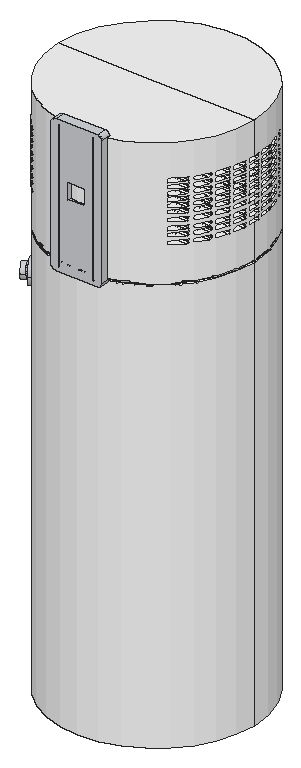
Revit family "STIEBEL ELTRON_WWK 302", category Generic Models, Revit 2022
Family settings
  Can host rebar = No
  Round Connector Dimension = Use Diameter
  Part Type = Normal
  Work Plane-Based = No
  Always vertical = Yes
  Cut with Voids When Loaded = No
  Maintain Annotation Orientation = No
  Shared = No
  Room Calculation Point = No
Parameters
  Default Elevation = 0 mm
Reference planes
  plane 1 "Center (Front/Back)": y = 0
  plane 2: z = 0
  plane 3 "Center (Left/Right)": x = 0
  plane 4: z = 1913
  plane 5: z = 1510
  plane 6: x = 345
  plane 7: x = -345
  plane 8: y = -179.723
  plane 9: y = 0
  plane 10: through (0, 0, 1219.2) normal (0.5, -0.866, 0)
  plane 11: x = -345
  plane 12: through (-285.733, -195.096, 1219.2) normal (-0.866, -0.5, 0)
  plane 13: y = 345
  plane 14: through (0, 345, 1219.2) normal (-0.3584, 0.9336, 0)
  plane 15: z = 1287
  plane 16: z = 218
  plane 17: y = -104.723
  plane 18: x = -205
  plane 19: x = 205
  plane 20: y = -319.923
Forms (mm)
  Revolve 1, solid, material "Default"
    sketch origin (0, 0, 0) x (1, 0, 0) y (0, 0, 1)
      loop
        line (0, 0) -> (345, 0) -> (345, 1913) -> (0, 1913) -> (0, 0)
      axis (0, 0) -> (0, 1913)
    angle from 0 to 360
  Revolve 2, solid
    sketch origin (-569.651, -4572, 1287) x (-1, 0, 0) y (0, -1, 0)
      loop
        arc (-270.872, -4399.5) -> (-261.359, -4417.141) -> (-252.887, -4435.304) r 345
        line (-252.887, -4435.304) -> (-243.602, -4429.944) -> (-249.02, -4420.559)
        arc (-249.02, -4420.559) -> (-247.514, -4416.208) -> (-244.499, -4412.728) r 12.165
        line (-244.499, -4412.728) -> (-231.049, -4404.963) -> (-243.37, -4383.622) -> (-270.872, -4399.5)
      axis (-243.37, -4383.622) -> (-272.887, -4400.663)
    angle from 0 to 360
  Revolve 3, solid
    sketch origin (-2779.332, -3674.643, 1287) x (-0.866025, 0.5, 0) y (-0.5, -0.866025, 0)
      loop
        arc (-270.872, -4399.5) -> (-261.359, -4417.141) -> (-252.887, -4435.304) r 345
        line (-252.887, -4435.304) -> (-243.602, -4429.944) -> (-249.02, -4420.559)
        arc (-249.02, -4420.559) -> (-247.514, -4416.208) -> (-244.499, -4412.728) r 12.165
        line (-244.499, -4412.728) -> (-231.049, -4404.963) -> (-243.37, -4383.622) -> (-270.872, -4399.5)
      axis (-243.37, -4383.622) -> (-272.887, -4400.663)
    angle from 0 to 360
  Revolve 4, solid
    sketch origin (-569.651, -4572, 1510) x (-1, 0, 0) y (0, -1, 0)
      loop
        arc (-451.654, -4896.194) -> (-470.679, -4902.499) -> (-490.037, -4907.688) r 345
        line (-490.037, -4907.688) -> (-486.37, -4917.763) -> (-476.188, -4914.057)
        arc (-476.188, -4914.057) -> (-472.164, -4916.296) -> (-469.261, -4919.87) r 12.165
        line (-469.261, -4919.87) -> (-463.949, -4934.463) -> (-440.793, -4926.035) -> (-451.654, -4896.194)
      axis (-440.793, -4926.035) -> (-452.45, -4894.008)
    angle from 0 to 360
  Revolve 5, solid
    sketch origin (-536.874, -4572, 218) x (-1, 0, 0) y (0, -1, 0)
      loop
        arc (-191.874, -4572) -> (-192.456, -4592.034) -> (-194.2, -4612) r 345
        line (-194.2, -4612) -> (-183.479, -4612) -> (-183.479, -4601.164)
        arc (-183.479, -4601.164) -> (-179.999, -4598.149) -> (-175.648, -4596.643) r 12.165
        line (-175.648, -4596.643) -> (-160.117, -4596.643) -> (-160.117, -4572) -> (-191.874, -4572)
      axis (-160.117, -4572) -> (-194.2, -4572)
    angle from 0 to 360
  Extrusion 6, solid
    sketch origin (0, 345, 1219.2) x (-1, 0, 0) y (0, 0, 1)
      loop
        line (-10, 290.8) -> (10, 290.8) -> (10, 346.486)
        arc (10, 346.486) -> (8.736, 349.536) -> (5.686, 350.8) r 4.314
        line (5.686, 350.8) -> (-5.686, 350.8)
        arc (-5.686, 350.8) -> (-8.736, 349.536) -> (-10, 346.486) r 4.314
        line (-10, 346.486) -> (-10, 290.8)
      loop
        circle (0, 340.758) r 5
      loop
        circle (0, 325.758) r 5
      loop
        circle (0, 310.758) r 5
    from -17.664 to 10
  Extrusion 7, void
    sketch origin (205, 414.536, 5000) x (0, -1, 0) y (0, 0, -1)
      loop
        line (342.226, 3199.001) -> (378.55, 3199.001)
        arc (378.55, 3199.001) -> (382.086, 3200.466) -> (383.55, 3204.001) r 5
        line (383.55, 3204.001) -> (383.55, 3208.584)
        arc (383.55, 3208.584) -> (382.086, 3212.12) -> (378.55, 3213.584) r 5
        line (378.55, 3213.584) -> (342.226, 3213.584)
        arc (342.226, 3213.584) -> (338.691, 3212.12) -> (337.226, 3208.584) r 5
        line (337.226, 3208.584) -> (337.226, 3204.001)
        arc (337.226, 3204.001) -> (338.691, 3200.466) -> (342.226, 3199.001) r 5
      loop
        line (398.55, 3199.001) -> (434.874, 3199.001)
        arc (434.874, 3199.001) -> (438.41, 3200.466) -> (439.874, 3204.001) r 5
        line (439.874, 3204.001) -> (439.874, 3208.584)
        arc (439.874, 3208.584) -> (438.41, 3212.12) -> (434.874, 3213.584) r 5
        line (434.874, 3213.584) -> (398.55, 3213.584)
        arc (398.55, 3213.584) -> (395.015, 3212.12) -> (393.55, 3208.584) r 5
        line (393.55, 3208.584) -> (393.55, 3204.001)
        arc (393.55, 3204.001) -> (395.015, 3200.466) -> (398.55, 3199.001) r 5
      loop
        line (454.874, 3199.001) -> (491.198, 3199.001)
        arc (491.198, 3199.001) -> (494.734, 3200.466) -> (496.198, 3204.001) r 5
        line (496.198, 3204.001) -> (496.198, 3208.584)
        arc (496.198, 3208.584) -> (494.734, 3212.12) -> (491.198, 3213.584) r 5
        line (491.198, 3213.584) -> (454.874, 3213.584)
        arc (454.874, 3213.584) -> (451.339, 3212.12) -> (449.874, 3208.584) r 5
        line (449.874, 3208.584) -> (449.874, 3204.001)
        arc (449.874, 3204.001) -> (451.339, 3200.466) -> (454.874, 3199.001) r 5
      loop
        line (511.198, 3199.001) -> (547.522, 3199.001)
        arc (547.522, 3199.001) -> (551.058, 3200.466) -> (552.522, 3204.001) r 5
        line (552.522, 3204.001) -> (552.522, 3208.584)
        arc (552.522, 3208.584) -> (551.058, 3212.12) -> (547.522, 3213.584) r 5
        line (547.522, 3213.584) -> (511.198, 3213.584)
        arc (511.198, 3213.584) -> (507.663, 3212.12) -> (506.198, 3208.584) r 5
        line (506.198, 3208.584) -> (506.198, 3204.001)
        arc (506.198, 3204.001) -> (507.663, 3200.466) -> (511.198, 3199.001) r 5
      loop
        line (567.522, 3199.001) -> (603.846, 3199.001)
        arc (603.846, 3199.001) -> (607.382, 3200.466) -> (608.846, 3204.001) r 5
        line (608.846, 3204.001) -> (608.846, 3208.584)
        arc (608.846, 3208.584) -> (607.382, 3212.12) -> (603.846, 3213.584) r 5
        line (603.846, 3213.584) -> (567.522, 3213.584)
        arc (567.522, 3213.584) -> (563.987, 3212.12) -> (562.522, 3208.584) r 5
        line (562.522, 3208.584) -> (562.522, 3204.001)
        arc (562.522, 3204.001) -> (563.987, 3200.466) -> (567.522, 3199.001) r 5
      loop
        line (623.846, 3199.001) -> (660.17, 3199.001)
        arc (660.17, 3199.001) -> (663.706, 3200.466) -> (665.17, 3204.001) r 5
        line (665.17, 3204.001) -> (665.17, 3208.584)
        arc (665.17, 3208.584) -> (663.706, 3212.12) -> (660.17, 3213.584) r 5
        line (660.17, 3213.584) -> (623.846, 3213.584)
        arc (623.846, 3213.584) -> (620.311, 3212.12) -> (618.846, 3208.584) r 5
        line (618.846, 3208.584) -> (618.846, 3204.001)
        arc (618.846, 3204.001) -> (620.311, 3200.466) -> (623.846, 3199.001) r 5
      loop
        line (173.254, 3199.001) -> (209.578, 3199.001)
        arc (209.578, 3199.001) -> (213.114, 3200.466) -> (214.578, 3204.001) r 5
        line (214.578, 3204.001) -> (214.578, 3208.584)
        arc (214.578, 3208.584) -> (213.114, 3212.12) -> (209.578, 3213.584) r 5
        line (209.578, 3213.584) -> (173.254, 3213.584)
        arc (173.254, 3213.584) -> (169.719, 3212.12) -> (168.254, 3208.584) r 5
        line (168.254, 3208.584) -> (168.254, 3204.001)
        arc (168.254, 3204.001) -> (169.719, 3200.466) -> (173.254, 3199.001) r 5
      loop
        line (229.578, 3199.001) -> (265.902, 3199.001)
        arc (265.902, 3199.001) -> (269.438, 3200.466) -> (270.902, 3204.001) r 5
        line (270.902, 3204.001) -> (270.902, 3208.584)
        arc (270.902, 3208.584) -> (269.438, 3212.12) -> (265.902, 3213.584) r 5
        line (265.902, 3213.584) -> (229.578, 3213.584)
        arc (229.578, 3213.584) -> (226.043, 3212.12) -> (224.578, 3208.584) r 5
        line (224.578, 3208.584) -> (224.578, 3204.001)
        arc (224.578, 3204.001) -> (226.043, 3200.466) -> (229.578, 3199.001) r 5
      loop
        line (285.902, 3199.001) -> (322.226, 3199.001)
        arc (322.226, 3199.001) -> (325.762, 3200.466) -> (327.226, 3204.001) r 5
        line (327.226, 3204.001) -> (327.226, 3208.584)
        arc (327.226, 3208.584) -> (325.762, 3212.12) -> (322.226, 3213.584) r 5
        line (322.226, 3213.584) -> (285.902, 3213.584)
        arc (285.902, 3213.584) -> (282.367, 3212.12) -> (280.902, 3208.584) r 5
        line (280.902, 3208.584) -> (280.902, 3204.001)
        arc (280.902, 3204.001) -> (282.367, 3200.466) -> (285.902, 3199.001) r 5
      loop
        line (342.226, 3219.001) -> (378.55, 3219.001)
        arc (378.55, 3219.001) -> (382.086, 3220.466) -> (383.55, 3224.001) r 5
        line (383.55, 3224.001) -> (383.55, 3228.584)
        arc (383.55, 3228.584) -> (382.086, 3232.12) -> (378.55, 3233.584) r 5
        line (378.55, 3233.584) -> (342.226, 3233.584)
        arc (342.226, 3233.584) -> (338.691, 3232.12) -> (337.226, 3228.584) r 5
        line (337.226, 3228.584) -> (337.226, 3224.001)
        arc (337.226, 3224.001) -> (338.691, 3220.466) -> (342.226, 3219.001) r 5
      loop
        line (398.55, 3219.001) -> (434.874, 3219.001)
        arc (434.874, 3219.001) -> (438.41, 3220.466) -> (439.874, 3224.001) r 5
        line (439.874, 3224.001) -> (439.874, 3228.584)
        arc (439.874, 3228.584) -> (438.41, 3232.12) -> (434.874, 3233.584) r 5
        line (434.874, 3233.584) -> (398.55, 3233.584)
        arc (398.55, 3233.584) -> (395.015, 3232.12) -> (393.55, 3228.584) r 5
        line (393.55, 3228.584) -> (393.55, 3224.001)
        arc (393.55, 3224.001) -> (395.015, 3220.466) -> (398.55, 3219.001) r 5
      loop
        line (454.874, 3219.001) -> (491.198, 3219.001)
        arc (491.198, 3219.001) -> (494.734, 3220.466) -> (496.198, 3224.001) r 5
        line (496.198, 3224.001) -> (496.198, 3228.584)
        arc (496.198, 3228.584) -> (494.734, 3232.12) -> (491.198, 3233.584) r 5
        line (491.198, 3233.584) -> (454.874, 3233.584)
        arc (454.874, 3233.584) -> (451.339, 3232.12) -> (449.874, 3228.584) r 5
        line (449.874, 3228.584) -> (449.874, 3224.001)
        arc (449.874, 3224.001) -> (451.339, 3220.466) -> (454.874, 3219.001) r 5
      loop
        line (511.198, 3219.001) -> (547.522, 3219.001)
        arc (547.522, 3219.001) -> (551.058, 3220.466) -> (552.522, 3224.001) r 5
        line (552.522, 3224.001) -> (552.522, 3228.584)
        arc (552.522, 3228.584) -> (551.058, 3232.12) -> (547.522, 3233.584) r 5
        line (547.522, 3233.584) -> (511.198, 3233.584)
        arc (511.198, 3233.584) -> (507.663, 3232.12) -> (506.198, 3228.584) r 5
        line (506.198, 3228.584) -> (506.198, 3224.001)
        arc (506.198, 3224.001) -> (507.663, 3220.466) -> (511.198, 3219.001) r 5
      loop
        line (567.522, 3219.001) -> (603.846, 3219.001)
        arc (603.846, 3219.001) -> (607.382, 3220.466) -> (608.846, 3224.001) r 5
        line (608.846, 3224.001) -> (608.846, 3228.584)
        arc (608.846, 3228.584) -> (607.382, 3232.12) -> (603.846, 3233.584) r 5
        line (603.846, 3233.584) -> (567.522, 3233.584)
        arc (567.522, 3233.584) -> (563.987, 3232.12) -> (562.522, 3228.584) r 5
        line (562.522, 3228.584) -> (562.522, 3224.001)
        arc (562.522, 3224.001) -> (563.987, 3220.466) -> (567.522, 3219.001) r 5
      loop
        line (623.846, 3219.001) -> (660.17, 3219.001)
        arc (660.17, 3219.001) -> (663.706, 3220.466) -> (665.17, 3224.001) r 5
        line (665.17, 3224.001) -> (665.17, 3228.584)
        arc (665.17, 3228.584) -> (663.706, 3232.12) -> (660.17, 3233.584) r 5
        line (660.17, 3233.584) -> (623.846, 3233.584)
        arc (623.846, 3233.584) -> (620.311, 3232.12) -> (618.846, 3228.584) r 5
        line (618.846, 3228.584) -> (618.846, 3224.001)
        arc (618.846, 3224.001) -> (620.311, 3220.466) -> (623.846, 3219.001) r 5
      loop
        line (173.254, 3219.001) -> (209.578, 3219.001)
        arc (209.578, 3219.001) -> (213.114, 3220.466) -> (214.578, 3224.001) r 5
        line (214.578, 3224.001) -> (214.578, 3228.584)
        arc (214.578, 3228.584) -> (213.114, 3232.12) -> (209.578, 3233.584) r 5
        line (209.578, 3233.584) -> (173.254, 3233.584)
        arc (173.254, 3233.584) -> (169.719, 3232.12) -> (168.254, 3228.584) r 5
        line (168.254, 3228.584) -> (168.254, 3224.001)
        arc (168.254, 3224.001) -> (169.719, 3220.466) -> (173.254, 3219.001) r 5
      loop
        line (229.578, 3219.001) -> (265.902, 3219.001)
        arc (265.902, 3219.001) -> (269.438, 3220.466) -> (270.902, 3224.001) r 5
        line (270.902, 3224.001) -> (270.902, 3228.584)
        arc (270.902, 3228.584) -> (269.438, 3232.12) -> (265.902, 3233.584) r 5
        line (265.902, 3233.584) -> (229.578, 3233.584)
        arc (229.578, 3233.584) -> (226.043, 3232.12) -> (224.578, 3228.584) r 5
        line (224.578, 3228.584) -> (224.578, 3224.001)
        arc (224.578, 3224.001) -> (226.043, 3220.466) -> (229.578, 3219.001) r 5
      loop
        line (285.902, 3219.001) -> (322.226, 3219.001)
        arc (322.226, 3219.001) -> (325.762, 3220.466) -> (327.226, 3224.001) r 5
        line (327.226, 3224.001) -> (327.226, 3228.584)
        arc (327.226, 3228.584) -> (325.762, 3232.12) -> (322.226, 3233.584) r 5
        line (322.226, 3233.584) -> (285.902, 3233.584)
        arc (285.902, 3233.584) -> (282.367, 3232.12) -> (280.902, 3228.584) r 5
        line (280.902, 3228.584) -> (280.902, 3224.001)
        arc (280.902, 3224.001) -> (282.367, 3220.466) -> (285.902, 3219.001) r 5
      loop
        line (342.226, 3239.001) -> (378.55, 3239.001)
        arc (378.55, 3239.001) -> (382.086, 3240.466) -> (383.55, 3244.001) r 5
        line (383.55, 3244.001) -> (383.55, 3248.584)
        arc (383.55, 3248.584) -> (382.086, 3252.12) -> (378.55, 3253.584) r 5
        line (378.55, 3253.584) -> (342.226, 3253.584)
        arc (342.226, 3253.584) -> (338.691, 3252.12) -> (337.226, 3248.584) r 5
        line (337.226, 3248.584) -> (337.226, 3244.001)
        arc (337.226, 3244.001) -> (338.691, 3240.466) -> (342.226, 3239.001) r 5
      loop
        line (398.55, 3239.001) -> (434.874, 3239.001)
        arc (434.874, 3239.001) -> (438.41, 3240.466) -> (439.874, 3244.001) r 5
        line (439.874, 3244.001) -> (439.874, 3248.584)
        arc (439.874, 3248.584) -> (438.41, 3252.12) -> (434.874, 3253.584) r 5
        line (434.874, 3253.584) -> (398.55, 3253.584)
        arc (398.55, 3253.584) -> (395.015, 3252.12) -> (393.55, 3248.584) r 5
        line (393.55, 3248.584) -> (393.55, 3244.001)
        arc (393.55, 3244.001) -> (395.015, 3240.466) -> (398.55, 3239.001) r 5
      loop
        line (454.874, 3239.001) -> (491.198, 3239.001)
        arc (491.198, 3239.001) -> (494.734, 3240.466) -> (496.198, 3244.001) r 5
        line (496.198, 3244.001) -> (496.198, 3248.584)
        arc (496.198, 3248.584) -> (494.734, 3252.12) -> (491.198, 3253.584) r 5
        line (491.198, 3253.584) -> (454.874, 3253.584)
        arc (454.874, 3253.584) -> (451.339, 3252.12) -> (449.874, 3248.584) r 5
        line (449.874, 3248.584) -> (449.874, 3244.001)
        arc (449.874, 3244.001) -> (451.339, 3240.466) -> (454.874, 3239.001) r 5
      loop
        line (511.198, 3239.001) -> (547.522, 3239.001)
        arc (547.522, 3239.001) -> (551.058, 3240.466) -> (552.522, 3244.001) r 5
        line (552.522, 3244.001) -> (552.522, 3248.584)
        arc (552.522, 3248.584) -> (551.058, 3252.12) -> (547.522, 3253.584) r 5
        line (547.522, 3253.584) -> (511.198, 3253.584)
        arc (511.198, 3253.584) -> (507.663, 3252.12) -> (506.198, 3248.584) r 5
        line (506.198, 3248.584) -> (506.198, 3244.001)
        arc (506.198, 3244.001) -> (507.663, 3240.466) -> (511.198, 3239.001) r 5
      loop
        line (567.522, 3239.001) -> (603.846, 3239.001)
        arc (603.846, 3239.001) -> (607.382, 3240.466) -> (608.846, 3244.001) r 5
        line (608.846, 3244.001) -> (608.846, 3248.584)
        arc (608.846, 3248.584) -> (607.382, 3252.12) -> (603.846, 3253.584) r 5
        line (603.846, 3253.584) -> (567.522, 3253.584)
        arc (567.522, 3253.584) -> (563.987, 3252.12) -> (562.522, 3248.584) r 5
        line (562.522, 3248.584) -> (562.522, 3244.001)
        arc (562.522, 3244.001) -> (563.987, 3240.466) -> (567.522, 3239.001) r 5
      loop
        line (623.846, 3239.001) -> (660.17, 3239.001)
        arc (660.17, 3239.001) -> (663.706, 3240.466) -> (665.17, 3244.001) r 5
        line (665.17, 3244.001) -> (665.17, 3248.584)
        arc (665.17, 3248.584) -> (663.706, 3252.12) -> (660.17, 3253.584) r 5
        line (660.17, 3253.584) -> (623.846, 3253.584)
        arc (623.846, 3253.584) -> (620.311, 3252.12) -> (618.846, 3248.584) r 5
        line (618.846, 3248.584) -> (618.846, 3244.001)
        arc (618.846, 3244.001) -> (620.311, 3240.466) -> (623.846, 3239.001) r 5
      loop
        line (173.254, 3239.001) -> (209.578, 3239.001)
        arc (209.578, 3239.001) -> (213.114, 3240.466) -> (214.578, 3244.001) r 5
        line (214.578, 3244.001) -> (214.578, 3248.584)
        arc (214.578, 3248.584) -> (213.114, 3252.12) -> (209.578, 3253.584) r 5
        line (209.578, 3253.584) -> (173.254, 3253.584)
        arc (173.254, 3253.584) -> (169.719, 3252.12) -> (168.254, 3248.584) r 5
        line (168.254, 3248.584) -> (168.254, 3244.001)
        arc (168.254, 3244.001) -> (169.719, 3240.466) -> (173.254, 3239.001) r 5
      loop
        line (229.578, 3239.001) -> (265.902, 3239.001)
        arc (265.902, 3239.001) -> (269.438, 3240.466) -> (270.902, 3244.001) r 5
        line (270.902, 3244.001) -> (270.902, 3248.584)
        arc (270.902, 3248.584) -> (269.438, 3252.12) -> (265.902, 3253.584) r 5
        line (265.902, 3253.584) -> (229.578, 3253.584)
        arc (229.578, 3253.584) -> (226.043, 3252.12) -> (224.578, 3248.584) r 5
        line (224.578, 3248.584) -> (224.578, 3244.001)
        arc (224.578, 3244.001) -> (226.043, 3240.466) -> (229.578, 3239.001) r 5
      loop
        line (285.902, 3239.001) -> (322.226, 3239.001)
        arc (322.226, 3239.001) -> (325.762, 3240.466) -> (327.226, 3244.001) r 5
        line (327.226, 3244.001) -> (327.226, 3248.584)
        arc (327.226, 3248.584) -> (325.762, 3252.12) -> (322.226, 3253.584) r 5
        line (322.226, 3253.584) -> (285.902, 3253.584)
        arc (285.902, 3253.584) -> (282.367, 3252.12) -> (280.902, 3248.584) r 5
        line (280.902, 3248.584) -> (280.902, 3244.001)
        arc (280.902, 3244.001) -> (282.367, 3240.466) -> (285.902, 3239.001) r 5
      loop
        line (342.226, 3259.001) -> (378.55, 3259.001)
        arc (378.55, 3259.001) -> (382.086, 3260.466) -> (383.55, 3264.001) r 5
        line (383.55, 3264.001) -> (383.55, 3268.584)
        arc (383.55, 3268.584) -> (382.086, 3272.12) -> (378.55, 3273.584) r 5
        line (378.55, 3273.584) -> (342.226, 3273.584)
        arc (342.226, 3273.584) -> (338.691, 3272.12) -> (337.226, 3268.584) r 5
        line (337.226, 3268.584) -> (337.226, 3264.001)
        arc (337.226, 3264.001) -> (338.691, 3260.466) -> (342.226, 3259.001) r 5
      loop
        line (398.55, 3259.001) -> (434.874, 3259.001)
        arc (434.874, 3259.001) -> (438.41, 3260.466) -> (439.874, 3264.001) r 5
        line (439.874, 3264.001) -> (439.874, 3268.584)
        arc (439.874, 3268.584) -> (438.41, 3272.12) -> (434.874, 3273.584) r 5
        line (434.874, 3273.584) -> (398.55, 3273.584)
        arc (398.55, 3273.584) -> (395.015, 3272.12) -> (393.55, 3268.584) r 5
        line (393.55, 3268.584) -> (393.55, 3264.001)
        arc (393.55, 3264.001) -> (395.015, 3260.466) -> (398.55, 3259.001) r 5
      loop
        line (454.874, 3259.001) -> (491.198, 3259.001)
        arc (491.198, 3259.001) -> (494.734, 3260.466) -> (496.198, 3264.001) r 5
        line (496.198, 3264.001) -> (496.198, 3268.584)
        arc (496.198, 3268.584) -> (494.734, 3272.12) -> (491.198, 3273.584) r 5
        line (491.198, 3273.584) -> (454.874, 3273.584)
        arc (454.874, 3273.584) -> (451.339, 3272.12) -> (449.874, 3268.584) r 5
        line (449.874, 3268.584) -> (449.874, 3264.001)
        arc (449.874, 3264.001) -> (451.339, 3260.466) -> (454.874, 3259.001) r 5
      loop
        line (511.198, 3259.001) -> (547.522, 3259.001)
        arc (547.522, 3259.001) -> (551.058, 3260.466) -> (552.522, 3264.001) r 5
        line (552.522, 3264.001) -> (552.522, 3268.584)
        arc (552.522, 3268.584) -> (551.058, 3272.12) -> (547.522, 3273.584) r 5
        line (547.522, 3273.584) -> (511.198, 3273.584)
        arc (511.198, 3273.584) -> (507.663, 3272.12) -> (506.198, 3268.584) r 5
        line (506.198, 3268.584) -> (506.198, 3264.001)
        arc (506.198, 3264.001) -> (507.663, 3260.466) -> (511.198, 3259.001) r 5
      loop
        line (567.522, 3259.001) -> (603.846, 3259.001)
        arc (603.846, 3259.001) -> (607.382, 3260.466) -> (608.846, 3264.001) r 5
        line (608.846, 3264.001) -> (608.846, 3268.584)
        arc (608.846, 3268.584) -> (607.382, 3272.12) -> (603.846, 3273.584) r 5
        line (603.846, 3273.584) -> (567.522, 3273.584)
        arc (567.522, 3273.584) -> (563.987, 3272.12) -> (562.522, 3268.584) r 5
        line (562.522, 3268.584) -> (562.522, 3264.001)
        arc (562.522, 3264.001) -> (563.987, 3260.466) -> (567.522, 3259.001) r 5
      loop
        line (623.846, 3259.001) -> (660.17, 3259.001)
        arc (660.17, 3259.001) -> (663.706, 3260.466) -> (665.17, 3264.001) r 5
        line (665.17, 3264.001) -> (665.17, 3268.584)
        arc (665.17, 3268.584) -> (663.706, 3272.12) -> (660.17, 3273.584) r 5
        line (660.17, 3273.584) -> (623.846, 3273.584)
        arc (623.846, 3273.584) -> (620.311, 3272.12) -> (618.846, 3268.584) r 5
        line (618.846, 3268.584) -> (618.846, 3264.001)
        arc (618.846, 3264.001) -> (620.311, 3260.466) -> (623.846, 3259.001) r 5
      loop
        line (173.254, 3259.001) -> (209.578, 3259.001)
        arc (209.578, 3259.001) -> (213.114, 3260.466) -> (214.578, 3264.001) r 5
        line (214.578, 3264.001) -> (214.578, 3268.584)
        arc (214.578, 3268.584) -> (213.114, 3272.12) -> (209.578, 3273.584) r 5
        line (209.578, 3273.584) -> (173.254, 3273.584)
        arc (173.254, 3273.584) -> (169.719, 3272.12) -> (168.254, 3268.584) r 5
        line (168.254, 3268.584) -> (168.254, 3264.001)
        arc (168.254, 3264.001) -> (169.719, 3260.466) -> (173.254, 3259.001) r 5
      loop
        line (229.578, 3259.001) -> (265.902, 3259.001)
        arc (265.902, 3259.001) -> (269.438, 3260.466) -> (270.902, 3264.001) r 5
        line (270.902, 3264.001) -> (270.902, 3268.584)
        arc (270.902, 3268.584) -> (269.438, 3272.12) -> (265.902, 3273.584) r 5
        line (265.902, 3273.584) -> (229.578, 3273.584)
        arc (229.578, 3273.584) -> (226.043, 3272.12) -> (224.578, 3268.584) r 5
        line (224.578, 3268.584) -> (224.578, 3264.001)
        arc (224.578, 3264.001) -> (226.043, 3260.466) -> (229.578, 3259.001) r 5
      loop
        line (285.902, 3259.001) -> (322.226, 3259.001)
        arc (322.226, 3259.001) -> (325.762, 3260.466) -> (327.226, 3264.001) r 5
        line (327.226, 3264.001) -> (327.226, 3268.584)
        arc (327.226, 3268.584) -> (325.762, 3272.12) -> (322.226, 3273.584) r 5
        line (322.226, 3273.584) -> (285.902, 3273.584)
        arc (285.902, 3273.584) -> (282.367, 3272.12) -> (280.902, 3268.584) r 5
        line (280.902, 3268.584) -> (280.902, 3264.001)
        arc (280.902, 3264.001) -> (282.367, 3260.466) -> (285.902, 3259.001) r 5
      loop
        line (342.226, 3278.598) -> (378.55, 3278.598)
        arc (378.55, 3278.598) -> (382.086, 3280.063) -> (383.55, 3283.598) r 5
        line (383.55, 3283.598) -> (383.55, 3288.182)
        arc (383.55, 3288.182) -> (382.086, 3291.717) -> (378.55, 3293.182) r 5
        line (378.55, 3293.182) -> (342.226, 3293.182)
        arc (342.226, 3293.182) -> (338.691, 3291.717) -> (337.226, 3288.182) r 5
        line (337.226, 3288.182) -> (337.226, 3283.598)
        arc (337.226, 3283.598) -> (338.691, 3280.063) -> (342.226, 3278.598) r 5
      loop
        line (398.55, 3278.598) -> (434.874, 3278.598)
        arc (434.874, 3278.598) -> (438.41, 3280.063) -> (439.874, 3283.598) r 5
        line (439.874, 3283.598) -> (439.874, 3288.182)
        arc (439.874, 3288.182) -> (438.41, 3291.717) -> (434.874, 3293.182) r 5
        line (434.874, 3293.182) -> (398.55, 3293.182)
        arc (398.55, 3293.182) -> (395.015, 3291.717) -> (393.55, 3288.182) r 5
        line (393.55, 3288.182) -> (393.55, 3283.598)
        arc (393.55, 3283.598) -> (395.015, 3280.063) -> (398.55, 3278.598) r 5
      loop
        line (454.874, 3278.598) -> (491.198, 3278.598)
        arc (491.198, 3278.598) -> (494.734, 3280.063) -> (496.198, 3283.598) r 5
        line (496.198, 3283.598) -> (496.198, 3288.182)
        arc (496.198, 3288.182) -> (494.734, 3291.717) -> (491.198, 3293.182) r 5
        line (491.198, 3293.182) -> (454.874, 3293.182)
        arc (454.874, 3293.182) -> (451.339, 3291.717) -> (449.874, 3288.182) r 5
        line (449.874, 3288.182) -> (449.874, 3283.598)
        arc (449.874, 3283.598) -> (451.339, 3280.063) -> (454.874, 3278.598) r 5
      loop
        line (511.198, 3278.598) -> (547.522, 3278.598)
        arc (547.522, 3278.598) -> (551.058, 3280.063) -> (552.522, 3283.598) r 5
        line (552.522, 3283.598) -> (552.522, 3288.182)
        arc (552.522, 3288.182) -> (551.058, 3291.717) -> (547.522, 3293.182) r 5
        line (547.522, 3293.182) -> (511.198, 3293.182)
        arc (511.198, 3293.182) -> (507.663, 3291.717) -> (506.198, 3288.182) r 5
        line (506.198, 3288.182) -> (506.198, 3283.598)
        arc (506.198, 3283.598) -> (507.663, 3280.063) -> (511.198, 3278.598) r 5
      loop
        line (567.522, 3278.598) -> (603.846, 3278.598)
        arc (603.846, 3278.598) -> (607.382, 3280.063) -> (608.846, 3283.598) r 5
        line (608.846, 3283.598) -> (608.846, 3288.182)
        arc (608.846, 3288.182) -> (607.382, 3291.717) -> (603.846, 3293.182) r 5
        line (603.846, 3293.182) -> (567.522, 3293.182)
        arc (567.522, 3293.182) -> (563.987, 3291.717) -> (562.522, 3288.182) r 5
        line (562.522, 3288.182) -> (562.522, 3283.598)
        arc (562.522, 3283.598) -> (563.987, 3280.063) -> (567.522, 3278.598) r 5
      loop
        line (623.846, 3278.598) -> (660.17, 3278.598)
        arc (660.17, 3278.598) -> (663.706, 3280.063) -> (665.17, 3283.598) r 5
        line (665.17, 3283.598) -> (665.17, 3288.182)
        arc (665.17, 3288.182) -> (663.706, 3291.717) -> (660.17, 3293.182) r 5
        line (660.17, 3293.182) -> (623.846, 3293.182)
        arc (623.846, 3293.182) -> (620.311, 3291.717) -> (618.846, 3288.182) r 5
        line (618.846, 3288.182) -> (618.846, 3283.598)
        arc (618.846, 3283.598) -> (620.311, 3280.063) -> (623.846, 3278.598) r 5
      loop
        line (173.254, 3278.598) -> (209.578, 3278.598)
        arc (209.578, 3278.598) -> (213.114, 3280.063) -> (214.578, 3283.598) r 5
        line (214.578, 3283.598) -> (214.578, 3288.182)
        arc (214.578, 3288.182) -> (213.114, 3291.717) -> (209.578, 3293.182) r 5
        line (209.578, 3293.182) -> (173.254, 3293.182)
        arc (173.254, 3293.182) -> (169.719, 3291.717) -> (168.254, 3288.182) r 5
        line (168.254, 3288.182) -> (168.254, 3283.598)
        arc (168.254, 3283.598) -> (169.719, 3280.063) -> (173.254, 3278.598) r 5
      loop
        line (229.578, 3278.598) -> (265.902, 3278.598)
        arc (265.902, 3278.598) -> (269.438, 3280.063) -> (270.902, 3283.598) r 5
        line (270.902, 3283.598) -> (270.902, 3288.182)
        arc (270.902, 3288.182) -> (269.438, 3291.717) -> (265.902, 3293.182) r 5
        line (265.902, 3293.182) -> (229.578, 3293.182)
        arc (229.578, 3293.182) -> (226.043, 3291.717) -> (224.578, 3288.182) r 5
        line (224.578, 3288.182) -> (224.578, 3283.598)
        arc (224.578, 3283.598) -> (226.043, 3280.063) -> (229.578, 3278.598) r 5
      loop
        line (285.902, 3278.598) -> (322.226, 3278.598)
        arc (322.226, 3278.598) -> (325.762, 3280.063) -> (327.226, 3283.598) r 5
        line (327.226, 3283.598) -> (327.226, 3288.182)
        arc (327.226, 3288.182) -> (325.762, 3291.717) -> (322.226, 3293.182) r 5
        line (322.226, 3293.182) -> (285.902, 3293.182)
        arc (285.902, 3293.182) -> (282.367, 3291.717) -> (280.902, 3288.182) r 5
        line (280.902, 3288.182) -> (280.902, 3283.598)
        arc (280.902, 3283.598) -> (282.367, 3280.063) -> (285.902, 3278.598) r 5
      loop
        line (342.226, 3298.584) -> (378.55, 3298.584)
        arc (378.55, 3298.584) -> (382.086, 3300.049) -> (383.55, 3303.584) r 5
        line (383.55, 3303.584) -> (383.55, 3308.168)
        arc (383.55, 3308.168) -> (382.086, 3311.703) -> (378.55, 3313.168) r 5
        line (378.55, 3313.168) -> (342.226, 3313.168)
        arc (342.226, 3313.168) -> (338.691, 3311.703) -> (337.226, 3308.168) r 5
        line (337.226, 3308.168) -> (337.226, 3303.584)
        arc (337.226, 3303.584) -> (338.691, 3300.049) -> (342.226, 3298.584) r 5
      loop
        line (398.55, 3298.584) -> (434.874, 3298.584)
        arc (434.874, 3298.584) -> (438.41, 3300.049) -> (439.874, 3303.584) r 5
        line (439.874, 3303.584) -> (439.874, 3308.168)
        arc (439.874, 3308.168) -> (438.41, 3311.703) -> (434.874, 3313.168) r 5
        line (434.874, 3313.168) -> (398.55, 3313.168)
        arc (398.55, 3313.168) -> (395.015, 3311.703) -> (393.55, 3308.168) r 5
        line (393.55, 3308.168) -> (393.55, 3303.584)
        arc (393.55, 3303.584) -> (395.015, 3300.049) -> (398.55, 3298.584) r 5
      loop
        line (454.874, 3298.584) -> (491.198, 3298.584)
        arc (491.198, 3298.584) -> (494.734, 3300.049) -> (496.198, 3303.584) r 5
        line (496.198, 3303.584) -> (496.198, 3308.168)
        arc (496.198, 3308.168) -> (494.734, 3311.703) -> (491.198, 3313.168) r 5
        line (491.198, 3313.168) -> (454.874, 3313.168)
        arc (454.874, 3313.168) -> (451.339, 3311.703) -> (449.874, 3308.168) r 5
        line (449.874, 3308.168) -> (449.874, 3303.584)
        arc (449.874, 3303.584) -> (451.339, 3300.049) -> (454.874, 3298.584) r 5
      loop
        line (511.198, 3298.584) -> (547.522, 3298.584)
        arc (547.522, 3298.584) -> (551.058, 3300.049) -> (552.522, 3303.584) r 5
        line (552.522, 3303.584) -> (552.522, 3308.168)
        arc (552.522, 3308.168) -> (551.058, 3311.703) -> (547.522, 3313.168) r 5
        line (547.522, 3313.168) -> (511.198, 3313.168)
        arc (511.198, 3313.168) -> (507.663, 3311.703) -> (506.198, 3308.168) r 5
        line (506.198, 3308.168) -> (506.198, 3303.584)
        arc (506.198, 3303.584) -> (507.663, 3300.049) -> (511.198, 3298.584) r 5
      loop
        line (567.522, 3298.584) -> (603.846, 3298.584)
        arc (603.846, 3298.584) -> (607.382, 3300.049) -> (608.846, 3303.584) r 5
        line (608.846, 3303.584) -> (608.846, 3308.168)
        arc (608.846, 3308.168) -> (607.382, 3311.703) -> (603.846, 3313.168) r 5
        line (603.846, 3313.168) -> (567.522, 3313.168)
        arc (567.522, 3313.168) -> (563.987, 3311.703) -> (562.522, 3308.168) r 5
        line (562.522, 3308.168) -> (562.522, 3303.584)
        arc (562.522, 3303.584) -> (563.987, 3300.049) -> (567.522, 3298.584) r 5
      loop
        line (623.846, 3298.584) -> (660.17, 3298.584)
        arc (660.17, 3298.584) -> (663.706, 3300.049) -> (665.17, 3303.584) r 5
        line (665.17, 3303.584) -> (665.17, 3308.168)
        arc (665.17, 3308.168) -> (663.706, 3311.703) -> (660.17, 3313.168) r 5
        line (660.17, 3313.168) -> (623.846, 3313.168)
        arc (623.846, 3313.168) -> (620.311, 3311.703) -> (618.846, 3308.168) r 5
        line (618.846, 3308.168) -> (618.846, 3303.584)
        arc (618.846, 3303.584) -> (620.311, 3300.049) -> (623.846, 3298.584) r 5
      loop
        line (173.254, 3298.584) -> (209.578, 3298.584)
        arc (209.578, 3298.584) -> (213.114, 3300.049) -> (214.578, 3303.584) r 5
        line (214.578, 3303.584) -> (214.578, 3308.168)
        arc (214.578, 3308.168) -> (213.114, 3311.703) -> (209.578, 3313.168) r 5
        line (209.578, 3313.168) -> (173.254, 3313.168)
        arc (173.254, 3313.168) -> (169.719, 3311.703) -> (168.254, 3308.168) r 5
        line (168.254, 3308.168) -> (168.254, 3303.584)
        arc (168.254, 3303.584) -> (169.719, 3300.049) -> (173.254, 3298.584) r 5
      loop
        line (229.578, 3298.584) -> (265.902, 3298.584)
        arc (265.902, 3298.584) -> (269.438, 3300.049) -> (270.902, 3303.584) r 5
        line (270.902, 3303.584) -> (270.902, 3308.168)
        arc (270.902, 3308.168) -> (269.438, 3311.703) -> (265.902, 3313.168) r 5
        line (265.902, 3313.168) -> (229.578, 3313.168)
        arc (229.578, 3313.168) -> (226.043, 3311.703) -> (224.578, 3308.168) r 5
        line (224.578, 3308.168) -> (224.578, 3303.584)
        arc (224.578, 3303.584) -> (226.043, 3300.049) -> (229.578, 3298.584) r 5
      loop
        line (285.902, 3298.584) -> (322.226, 3298.584)
        arc (322.226, 3298.584) -> (325.762, 3300.049) -> (327.226, 3303.584) r 5
        line (327.226, 3303.584) -> (327.226, 3308.168)
        arc (327.226, 3308.168) -> (325.762, 3311.703) -> (322.226, 3313.168) r 5
        line (322.226, 3313.168) -> (285.902, 3313.168)
        arc (285.902, 3313.168) -> (282.367, 3311.703) -> (280.902, 3308.168) r 5
        line (280.902, 3308.168) -> (280.902, 3303.584)
        arc (280.902, 3303.584) -> (282.367, 3300.049) -> (285.902, 3298.584) r 5
      loop
        line (342.226, 3323.584) -> (378.55, 3323.584)
        arc (378.55, 3323.584) -> (382.086, 3325.049) -> (383.55, 3328.584) r 5
        line (383.55, 3328.584) -> (383.55, 3333.168)
        arc (383.55, 3333.168) -> (382.086, 3336.703) -> (378.55, 3338.168) r 5
        line (378.55, 3338.168) -> (342.226, 3338.168)
        arc (342.226, 3338.168) -> (338.691, 3336.703) -> (337.226, 3333.168) r 5
        line (337.226, 3333.168) -> (337.226, 3328.584)
        arc (337.226, 3328.584) -> (338.691, 3325.049) -> (342.226, 3323.584) r 5
      loop
        line (398.55, 3323.584) -> (434.874, 3323.584)
        arc (434.874, 3323.584) -> (438.41, 3325.049) -> (439.874, 3328.584) r 5
        line (439.874, 3328.584) -> (439.874, 3333.168)
        arc (439.874, 3333.168) -> (438.41, 3336.703) -> (434.874, 3338.168) r 5
        line (434.874, 3338.168) -> (398.55, 3338.168)
        arc (398.55, 3338.168) -> (395.015, 3336.703) -> (393.55, 3333.168) r 5
        line (393.55, 3333.168) -> (393.55, 3328.584)
        arc (393.55, 3328.584) -> (395.015, 3325.049) -> (398.55, 3323.584) r 5
      loop
        line (454.874, 3323.584) -> (491.198, 3323.584)
        arc (491.198, 3323.584) -> (494.734, 3325.049) -> (496.198, 3328.584) r 5
        line (496.198, 3328.584) -> (496.198, 3333.168)
        arc (496.198, 3333.168) -> (494.734, 3336.703) -> (491.198, 3338.168) r 5
        line (491.198, 3338.168) -> (454.874, 3338.168)
        arc (454.874, 3338.168) -> (451.339, 3336.703) -> (449.874, 3333.168) r 5
        line (449.874, 3333.168) -> (449.874, 3328.584)
        arc (449.874, 3328.584) -> (451.339, 3325.049) -> (454.874, 3323.584) r 5
      loop
        line (511.198, 3323.584) -> (547.522, 3323.584)
        arc (547.522, 3323.584) -> (551.058, 3325.049) -> (552.522, 3328.584) r 5
        line (552.522, 3328.584) -> (552.522, 3333.168)
        arc (552.522, 3333.168) -> (551.058, 3336.703) -> (547.522, 3338.168) r 5
        line (547.522, 3338.168) -> (511.198, 3338.168)
        arc (511.198, 3338.168) -> (507.663, 3336.703) -> (506.198, 3333.168) r 5
        line (506.198, 3333.168) -> (506.198, 3328.584)
        arc (506.198, 3328.584) -> (507.663, 3325.049) -> (511.198, 3323.584) r 5
      loop
        line (567.522, 3323.584) -> (603.846, 3323.584)
        arc (603.846, 3323.584) -> (607.382, 3325.049) -> (608.846, 3328.584) r 5
        line (608.846, 3328.584) -> (608.846, 3333.168)
        arc (608.846, 3333.168) -> (607.382, 3336.703) -> (603.846, 3338.168) r 5
        line (603.846, 3338.168) -> (567.522, 3338.168)
        arc (567.522, 3338.168) -> (563.987, 3336.703) -> (562.522, 3333.168) r 5
        line (562.522, 3333.168) -> (562.522, 3328.584)
        arc (562.522, 3328.584) -> (563.987, 3325.049) -> (567.522, 3323.584) r 5
      loop
        line (623.846, 3323.584) -> (660.17, 3323.584)
        arc (660.17, 3323.584) -> (663.706, 3325.049) -> (665.17, 3328.584) r 5
        line (665.17, 3328.584) -> (665.17, 3333.168)
        arc (665.17, 3333.168) -> (663.706, 3336.703) -> (660.17, 3338.168) r 5
        line (660.17, 3338.168) -> (623.846, 3338.168)
        arc (623.846, 3338.168) -> (620.311, 3336.703) -> (618.846, 3333.168) r 5
        line (618.846, 3333.168) -> (618.846, 3328.584)
        arc (618.846, 3328.584) -> (620.311, 3325.049) -> (623.846, 3323.584) r 5
      loop
        line (173.254, 3323.584) -> (209.578, 3323.584)
        arc (209.578, 3323.584) -> (213.114, 3325.049) -> (214.578, 3328.584) r 5
        line (214.578, 3328.584) -> (214.578, 3333.168)
        arc (214.578, 3333.168) -> (213.114, 3336.703) -> (209.578, 3338.168) r 5
        line (209.578, 3338.168) -> (173.254, 3338.168)
        arc (173.254, 3338.168) -> (169.719, 3336.703) -> (168.254, 3333.168) r 5
        line (168.254, 3333.168) -> (168.254, 3328.584)
        arc (168.254, 3328.584) -> (169.719, 3325.049) -> (173.254, 3323.584) r 5
      loop
        line (229.578, 3323.584) -> (265.902, 3323.584)
        arc (265.902, 3323.584) -> (269.438, 3325.049) -> (270.902, 3328.584) r 5
        line (270.902, 3328.584) -> (270.902, 3333.168)
        arc (270.902, 3333.168) -> (269.438, 3336.703) -> (265.902, 3338.168) r 5
        line (265.902, 3338.168) -> (229.578, 3338.168)
        arc (229.578, 3338.168) -> (226.043, 3336.703) -> (224.578, 3333.168) r 5
        line (224.578, 3333.168) -> (224.578, 3328.584)
        arc (224.578, 3328.584) -> (226.043, 3325.049) -> (229.578, 3323.584) r 5
      loop
        line (285.902, 3323.584) -> (322.226, 3323.584)
        arc (322.226, 3323.584) -> (325.762, 3325.049) -> (327.226, 3328.584) r 5
        line (327.226, 3328.584) -> (327.226, 3333.168)
        arc (327.226, 3333.168) -> (325.762, 3336.703) -> (322.226, 3338.168) r 5
        line (322.226, 3338.168) -> (285.902, 3338.168)
        arc (285.902, 3338.168) -> (282.367, 3336.703) -> (280.902, 3333.168) r 5
        line (280.902, 3333.168) -> (280.902, 3328.584)
        arc (280.902, 3328.584) -> (282.367, 3325.049) -> (285.902, 3323.584) r 5
      loop
        line (342.226, 3350.668) -> (378.55, 3350.668)
        arc (378.55, 3350.668) -> (382.086, 3352.132) -> (383.55, 3355.668) r 5
        line (383.55, 3355.668) -> (383.55, 3360.251)
        arc (383.55, 3360.251) -> (382.086, 3363.787) -> (378.55, 3365.251) r 5
        line (378.55, 3365.251) -> (342.226, 3365.251)
        arc (342.226, 3365.251) -> (338.691, 3363.787) -> (337.226, 3360.251) r 5
        line (337.226, 3360.251) -> (337.226, 3355.668)
        arc (337.226, 3355.668) -> (338.691, 3352.132) -> (342.226, 3350.668) r 5
      loop
        line (398.55, 3350.668) -> (434.874, 3350.668)
        arc (434.874, 3350.668) -> (438.41, 3352.132) -> (439.874, 3355.668) r 5
        line (439.874, 3355.668) -> (439.874, 3360.251)
        arc (439.874, 3360.251) -> (438.41, 3363.787) -> (434.874, 3365.251) r 5
        line (434.874, 3365.251) -> (398.55, 3365.251)
        arc (398.55, 3365.251) -> (395.015, 3363.787) -> (393.55, 3360.251) r 5
        line (393.55, 3360.251) -> (393.55, 3355.668)
        arc (393.55, 3355.668) -> (395.015, 3352.132) -> (398.55, 3350.668) r 5
      loop
        line (454.874, 3350.668) -> (491.198, 3350.668)
        arc (491.198, 3350.668) -> (494.734, 3352.132) -> (496.198, 3355.668) r 5
        line (496.198, 3355.668) -> (496.198, 3360.251)
        arc (496.198, 3360.251) -> (494.734, 3363.787) -> (491.198, 3365.251) r 5
        line (491.198, 3365.251) -> (454.874, 3365.251)
        arc (454.874, 3365.251) -> (451.339, 3363.787) -> (449.874, 3360.251) r 5
        line (449.874, 3360.251) -> (449.874, 3355.668)
        arc (449.874, 3355.668) -> (451.339, 3352.132) -> (454.874, 3350.668) r 5
      loop
        line (511.198, 3350.668) -> (547.522, 3350.668)
        arc (547.522, 3350.668) -> (551.058, 3352.132) -> (552.522, 3355.668) r 5
        line (552.522, 3355.668) -> (552.522, 3360.251)
        arc (552.522, 3360.251) -> (551.058, 3363.787) -> (547.522, 3365.251) r 5
        line (547.522, 3365.251) -> (511.198, 3365.251)
        arc (511.198, 3365.251) -> (507.663, 3363.787) -> (506.198, 3360.251) r 5
        line (506.198, 3360.251) -> (506.198, 3355.668)
        arc (506.198, 3355.668) -> (507.663, 3352.132) -> (511.198, 3350.668) r 5
      loop
        line (567.522, 3350.668) -> (603.846, 3350.668)
        arc (603.846, 3350.668) -> (607.382, 3352.132) -> (608.846, 3355.668) r 5
        line (608.846, 3355.668) -> (608.846, 3360.251)
        arc (608.846, 3360.251) -> (607.382, 3363.787) -> (603.846, 3365.251) r 5
        line (603.846, 3365.251) -> (567.522, 3365.251)
        arc (567.522, 3365.251) -> (563.987, 3363.787) -> (562.522, 3360.251) r 5
        line (562.522, 3360.251) -> (562.522, 3355.668)
        arc (562.522, 3355.668) -> (563.987, 3352.132) -> (567.522, 3350.668) r 5
      loop
        line (623.846, 3350.668) -> (660.17, 3350.668)
        arc (660.17, 3350.668) -> (663.706, 3352.132) -> (665.17, 3355.668) r 5
        line (665.17, 3355.668) -> (665.17, 3360.251)
        arc (665.17, 3360.251) -> (663.706, 3363.787) -> (660.17, 3365.251) r 5
        line (660.17, 3365.251) -> (623.846, 3365.251)
        arc (623.846, 3365.251) -> (620.311, 3363.787) -> (618.846, 3360.251) r 5
        line (618.846, 3360.251) -> (618.846, 3355.668)
        arc (618.846, 3355.668) -> (620.311, 3352.132) -> (623.846, 3350.668) r 5
      loop
        line (173.254, 3350.668) -> (209.578, 3350.668)
        arc (209.578, 3350.668) -> (213.114, 3352.132) -> (214.578, 3355.668) r 5
        line (214.578, 3355.668) -> (214.578, 3360.251)
        arc (214.578, 3360.251) -> (213.114, 3363.787) -> (209.578, 3365.251) r 5
        line (209.578, 3365.251) -> (173.254, 3365.251)
        arc (173.254, 3365.251) -> (169.719, 3363.787) -> (168.254, 3360.251) r 5
        line (168.254, 3360.251) -> (168.254, 3355.668)
        arc (168.254, 3355.668) -> (169.719, 3352.132) -> (173.254, 3350.668) r 5
      loop
        line (229.578, 3350.668) -> (265.902, 3350.668)
        arc (265.902, 3350.668) -> (269.438, 3352.132) -> (270.902, 3355.668) r 5
        line (270.902, 3355.668) -> (270.902, 3360.251)
        arc (270.902, 3360.251) -> (269.438, 3363.787) -> (265.902, 3365.251) r 5
        line (265.902, 3365.251) -> (229.578, 3365.251)
        arc (229.578, 3365.251) -> (226.043, 3363.787) -> (224.578, 3360.251) r 5
        line (224.578, 3360.251) -> (224.578, 3355.668)
        arc (224.578, 3355.668) -> (226.043, 3352.132) -> (229.578, 3350.668) r 5
      loop
        line (285.902, 3350.668) -> (322.226, 3350.668)
        arc (322.226, 3350.668) -> (325.762, 3352.132) -> (327.226, 3355.668) r 5
        line (327.226, 3355.668) -> (327.226, 3360.251)
        arc (327.226, 3360.251) -> (325.762, 3363.787) -> (322.226, 3365.251) r 5
        line (322.226, 3365.251) -> (285.902, 3365.251)
        arc (285.902, 3365.251) -> (282.367, 3363.787) -> (280.902, 3360.251) r 5
        line (280.902, 3360.251) -> (280.902, 3355.668)
        arc (280.902, 3355.668) -> (282.367, 3352.132) -> (285.902, 3350.668) r 5
      loop
        line (342.226, 3370.668) -> (378.55, 3370.668)
        arc (378.55, 3370.668) -> (382.086, 3372.132) -> (383.55, 3375.668) r 5
        line (383.55, 3375.668) -> (383.55, 3380.251)
        arc (383.55, 3380.251) -> (382.086, 3383.787) -> (378.55, 3385.251) r 5
        line (378.55, 3385.251) -> (342.226, 3385.251)
        arc (342.226, 3385.251) -> (338.691, 3383.787) -> (337.226, 3380.251) r 5
        line (337.226, 3380.251) -> (337.226, 3375.668)
        arc (337.226, 3375.668) -> (338.691, 3372.132) -> (342.226, 3370.668) r 5
      loop
        line (398.55, 3370.668) -> (434.874, 3370.668)
        arc (434.874, 3370.668) -> (438.41, 3372.132) -> (439.874, 3375.668) r 5
        line (439.874, 3375.668) -> (439.874, 3380.251)
        arc (439.874, 3380.251) -> (438.41, 3383.787) -> (434.874, 3385.251) r 5
        line (434.874, 3385.251) -> (398.55, 3385.251)
        arc (398.55, 3385.251) -> (395.015, 3383.787) -> (393.55, 3380.251) r 5
        line (393.55, 3380.251) -> (393.55, 3375.668)
        arc (393.55, 3375.668) -> (395.015, 3372.132) -> (398.55, 3370.668) r 5
      loop
        line (454.874, 3370.668) -> (491.198, 3370.668)
        arc (491.198, 3370.668) -> (494.734, 3372.132) -> (496.198, 3375.668) r 5
        line (496.198, 3375.668) -> (496.198, 3380.251)
        arc (496.198, 3380.251) -> (494.734, 3383.787) -> (491.198, 3385.251) r 5
        line (491.198, 3385.251) -> (454.874, 3385.251)
        arc (454.874, 3385.251) -> (451.339, 3383.787) -> (449.874, 3380.251) r 5
        line (449.874, 3380.251) -> (449.874, 3375.668)
        arc (449.874, 3375.668) -> (451.339, 3372.132) -> (454.874, 3370.668) r 5
      loop
        line (511.198, 3370.668) -> (547.522, 3370.668)
        arc (547.522, 3370.668) -> (551.058, 3372.132) -> (552.522, 3375.668) r 5
        line (552.522, 3375.668) -> (552.522, 3380.251)
        arc (552.522, 3380.251) -> (551.058, 3383.787) -> (547.522, 3385.251) r 5
        line (547.522, 3385.251) -> (511.198, 3385.251)
        arc (511.198, 3385.251) -> (507.663, 3383.787) -> (506.198, 3380.251) r 5
        line (506.198, 3380.251) -> (506.198, 3375.668)
        arc (506.198, 3375.668) -> (507.663, 3372.132) -> (511.198, 3370.668) r 5
      loop
        line (567.522, 3370.668) -> (603.846, 3370.668)
        arc (603.846, 3370.668) -> (607.382, 3372.132) -> (608.846, 3375.668) r 5
        line (608.846, 3375.668) -> (608.846, 3380.251)
        arc (608.846, 3380.251) -> (607.382, 3383.787) -> (603.846, 3385.251) r 5
        line (603.846, 3385.251) -> (567.522, 3385.251)
        arc (567.522, 3385.251) -> (563.987, 3383.787) -> (562.522, 3380.251) r 5
        line (562.522, 3380.251) -> (562.522, 3375.668)
        arc (562.522, 3375.668) -> (563.987, 3372.132) -> (567.522, 3370.668) r 5
      loop
        line (623.846, 3370.668) -> (660.17, 3370.668)
        arc (660.17, 3370.668) -> (663.706, 3372.132) -> (665.17, 3375.668) r 5
        line (665.17, 3375.668) -> (665.17, 3380.251)
        arc (665.17, 3380.251) -> (663.706, 3383.787) -> (660.17, 3385.251) r 5
        line (660.17, 3385.251) -> (623.846, 3385.251)
        arc (623.846, 3385.251) -> (620.311, 3383.787) -> (618.846, 3380.251) r 5
        line (618.846, 3380.251) -> (618.846, 3375.668)
        arc (618.846, 3375.668) -> (620.311, 3372.132) -> (623.846, 3370.668) r 5
      loop
        line (173.254, 3370.668) -> (209.578, 3370.668)
        arc (209.578, 3370.668) -> (213.114, 3372.132) -> (214.578, 3375.668) r 5
        line (214.578, 3375.668) -> (214.578, 3380.251)
        arc (214.578, 3380.251) -> (213.114, 3383.787) -> (209.578, 3385.251) r 5
        line (209.578, 3385.251) -> (173.254, 3385.251)
        arc (173.254, 3385.251) -> (169.719, 3383.787) -> (168.254, 3380.251) r 5
        line (168.254, 3380.251) -> (168.254, 3375.668)
        arc (168.254, 3375.668) -> (169.719, 3372.132) -> (173.254, 3370.668) r 5
      loop
        line (229.578, 3370.668) -> (265.902, 3370.668)
        arc (265.902, 3370.668) -> (269.438, 3372.132) -> (270.902, 3375.668) r 5
        line (270.902, 3375.668) -> (270.902, 3380.251)
        arc (270.902, 3380.251) -> (269.438, 3383.787) -> (265.902, 3385.251) r 5
        line (265.902, 3385.251) -> (229.578, 3385.251)
        arc (229.578, 3385.251) -> (226.043, 3383.787) -> (224.578, 3380.251) r 5
        line (224.578, 3380.251) -> (224.578, 3375.668)
        arc (224.578, 3375.668) -> (226.043, 3372.132) -> (229.578, 3370.668) r 5
      loop
        line (285.902, 3370.668) -> (322.226, 3370.668)
        arc (322.226, 3370.668) -> (325.762, 3372.132) -> (327.226, 3375.668) r 5
        line (327.226, 3375.668) -> (327.226, 3380.251)
        arc (327.226, 3380.251) -> (325.762, 3383.787) -> (322.226, 3385.251) r 5
        line (322.226, 3385.251) -> (285.902, 3385.251)
        arc (285.902, 3385.251) -> (282.367, 3383.787) -> (280.902, 3380.251) r 5
        line (280.902, 3380.251) -> (280.902, 3375.668)
        arc (280.902, 3375.668) -> (282.367, 3372.132) -> (285.902, 3370.668) r 5
      loop
        line (342.226, 3395.668) -> (378.55, 3395.668)
        arc (378.55, 3395.668) -> (382.086, 3397.132) -> (383.55, 3400.668) r 5
        line (383.55, 3400.668) -> (383.55, 3405.251)
        arc (383.55, 3405.251) -> (382.086, 3408.787) -> (378.55, 3410.251) r 5
        line (378.55, 3410.251) -> (342.226, 3410.251)
        arc (342.226, 3410.251) -> (338.691, 3408.787) -> (337.226, 3405.251) r 5
        line (337.226, 3405.251) -> (337.226, 3400.668)
        arc (337.226, 3400.668) -> (338.691, 3397.132) -> (342.226, 3395.668) r 5
      loop
        line (398.55, 3395.668) -> (434.874, 3395.668)
        arc (434.874, 3395.668) -> (438.41, 3397.132) -> (439.874, 3400.668) r 5
        line (439.874, 3400.668) -> (439.874, 3405.251)
        arc (439.874, 3405.251) -> (438.41, 3408.787) -> (434.874, 3410.251) r 5
        line (434.874, 3410.251) -> (398.55, 3410.251)
        arc (398.55, 3410.251) -> (395.015, 3408.787) -> (393.55, 3405.251) r 5
        line (393.55, 3405.251) -> (393.55, 3400.668)
        arc (393.55, 3400.668) -> (395.015, 3397.132) -> (398.55, 3395.668) r 5
      loop
        line (454.874, 3395.668) -> (491.198, 3395.668)
        arc (491.198, 3395.668) -> (494.734, 3397.132) -> (496.198, 3400.668) r 5
        line (496.198, 3400.668) -> (496.198, 3405.251)
        arc (496.198, 3405.251) -> (494.734, 3408.787) -> (491.198, 3410.251) r 5
        line (491.198, 3410.251) -> (454.874, 3410.251)
        arc (454.874, 3410.251) -> (451.339, 3408.787) -> (449.874, 3405.251) r 5
        line (449.874, 3405.251) -> (449.874, 3400.668)
        arc (449.874, 3400.668) -> (451.339, 3397.132) -> (454.874, 3395.668) r 5
      loop
        line (511.198, 3395.668) -> (547.522, 3395.668)
        arc (547.522, 3395.668) -> (551.058, 3397.132) -> (552.522, 3400.668) r 5
        line (552.522, 3400.668) -> (552.522, 3405.251)
        arc (552.522, 3405.251) -> (551.058, 3408.787) -> (547.522, 3410.251) r 5
        line (547.522, 3410.251) -> (511.198, 3410.251)
        arc (511.198, 3410.251) -> (507.663, 3408.787) -> (506.198, 3405.251) r 5
        line (506.198, 3405.251) -> (506.198, 3400.668)
        arc (506.198, 3400.668) -> (507.663, 3397.132) -> (511.198, 3395.668) r 5
      loop
        line (567.522, 3395.668) -> (603.846, 3395.668)
        arc (603.846, 3395.668) -> (607.382, 3397.132) -> (608.846, 3400.668) r 5
        line (608.846, 3400.668) -> (608.846, 3405.251)
        arc (608.846, 3405.251) -> (607.382, 3408.787) -> (603.846, 3410.251) r 5
        line (603.846, 3410.251) -> (567.522, 3410.251)
        arc (567.522, 3410.251) -> (563.987, 3408.787) -> (562.522, 3405.251) r 5
        line (562.522, 3405.251) -> (562.522, 3400.668)
        arc (562.522, 3400.668) -> (563.987, 3397.132) -> (567.522, 3395.668) r 5
      loop
        line (623.846, 3395.668) -> (660.17, 3395.668)
        arc (660.17, 3395.668) -> (663.706, 3397.132) -> (665.17, 3400.668) r 5
        line (665.17, 3400.668) -> (665.17, 3405.251)
        arc (665.17, 3405.251) -> (663.706, 3408.787) -> (660.17, 3410.251) r 5
        line (660.17, 3410.251) -> (623.846, 3410.251)
        arc (623.846, 3410.251) -> (620.311, 3408.787) -> (618.846, 3405.251) r 5
        line (618.846, 3405.251) -> (618.846, 3400.668)
        arc (618.846, 3400.668) -> (620.311, 3397.132) -> (623.846, 3395.668) r 5
      loop
        line (173.254, 3395.668) -> (209.578, 3395.668)
        arc (209.578, 3395.668) -> (213.114, 3397.132) -> (214.578, 3400.668) r 5
        line (214.578, 3400.668) -> (214.578, 3405.251)
        arc (214.578, 3405.251) -> (213.114, 3408.787) -> (209.578, 3410.251) r 5
        line (209.578, 3410.251) -> (173.254, 3410.251)
        arc (173.254, 3410.251) -> (169.719, 3408.787) -> (168.254, 3405.251) r 5
        line (168.254, 3405.251) -> (168.254, 3400.668)
        arc (168.254, 3400.668) -> (169.719, 3397.132) -> (173.254, 3395.668) r 5
      loop
        line (229.578, 3395.668) -> (265.902, 3395.668)
        arc (265.902, 3395.668) -> (269.438, 3397.132) -> (270.902, 3400.668) r 5
        line (270.902, 3400.668) -> (270.902, 3405.251)
        arc (270.902, 3405.251) -> (269.438, 3408.787) -> (265.902, 3410.251) r 5
        line (265.902, 3410.251) -> (229.578, 3410.251)
        arc (229.578, 3410.251) -> (226.043, 3408.787) -> (224.578, 3405.251) r 5
        line (224.578, 3405.251) -> (224.578, 3400.668)
        arc (224.578, 3400.668) -> (226.043, 3397.132) -> (229.578, 3395.668) r 5
      loop
        line (285.902, 3395.668) -> (322.226, 3395.668)
        arc (322.226, 3395.668) -> (325.762, 3397.132) -> (327.226, 3400.668) r 5
        line (327.226, 3400.668) -> (327.226, 3405.251)
        arc (327.226, 3405.251) -> (325.762, 3408.787) -> (322.226, 3410.251) r 5
        line (322.226, 3410.251) -> (285.902, 3410.251)
        arc (285.902, 3410.251) -> (282.367, 3408.787) -> (280.902, 3405.251) r 5
        line (280.902, 3405.251) -> (280.902, 3400.668)
        arc (280.902, 3400.668) -> (282.367, 3397.132) -> (285.902, 3395.668) r 5
    from 0 to 250
  Extrusion 8, solid
    sketch origin (-499.927, -319.923, 1219.2) x (-1, 0, 0) y (0, 0, 1)
      loop
        line (-430.197, 707.521) -> (-575.658, 707.521)
        arc (-575.658, 707.521) -> (-585.748, 703.341) -> (-589.927, 693.251) r 14.269
        line (-589.927, 693.251) -> (-589.927, 242.569)
        arc (-589.927, 242.569) -> (-585.748, 232.479) -> (-575.658, 228.3) r 14.269
        line (-575.658, 228.3) -> (-430.197, 228.3)
        arc (-430.197, 228.3) -> (-415.864, 234.237) -> (-409.927, 248.569) r 20.269
        line (-409.927, 248.569) -> (-409.927, 687.251)
        arc (-409.927, 687.251) -> (-415.864, 701.584) -> (-430.197, 707.521) r 20.269
      loop
        line (-469.927, 521.107) -> (-529.927, 521.107) -> (-529.927, 466.107) -> (-469.927, 466.107) -> (-469.927, 521.107)
      loop
        line (-437.626, 693.8) -> (-442.626, 693.8) -> (-442.626, 242.569) -> (-437.626, 242.569) -> (-437.626, 693.8)
      loop
        line (-562.228, 693.8) -> (-562.228, 242.569) -> (-557.228, 242.569) -> (-557.228, 693.8) -> (-562.228, 693.8)
    from -33.974 to 0
  Sweep 9, void
    path origin (0, 0, 0) x (1, 0, 0) y (0, 1, 0)
      loop
        circle (0, 0) r 345
    profile origin (0, -345, 0) x (0, -1, 0) y (0, 0, 1)
      loop
        circle (0, 1465.625) r 2.907
  Extrusion 10, solid
    sketch origin (0, 0, 0) x (1, 0, 0) y (0, -1, 0)
      loop
        line (-19.589, 258.388) -> (25.411, 258.388) -> (25.411, 278.388) -> (-19.589, 278.388) -> (-19.589, 258.388)
      loop
        line (-258.388, 19.589) -> (-278.388, 19.589) -> (-278.388, -25.411) -> (-258.388, -25.411) -> (-258.388, 19.589)
      loop
        line (258.388, 19.589) -> (258.388, -25.411) -> (278.388, -25.411) -> (278.388, 19.589) -> (258.388, 19.589)
      loop
        line (-19.589, -258.388) -> (-19.589, -278.388) -> (25.411, -278.388) -> (25.411, -258.388) -> (-19.589, -258.388)
    from 0 to 24
  Extrusion 11, void
    sketch origin (-205, 414.536, 5000) x (0, -1, 0) y (0, 0, 1)
      loop
        arc (342.226, -3199.001) -> (338.691, -3200.466) -> (337.226, -3204.001) r 5
        line (337.226, -3204.001) -> (337.226, -3208.584)
        arc (337.226, -3208.584) -> (338.691, -3212.12) -> (342.226, -3213.584) r 5
        line (342.226, -3213.584) -> (378.55, -3213.584)
        arc (378.55, -3213.584) -> (382.086, -3212.12) -> (383.55, -3208.584) r 5
        line (383.55, -3208.584) -> (383.55, -3204.001)
        arc (383.55, -3204.001) -> (382.086, -3200.466) -> (378.55, -3199.001) r 5
        line (378.55, -3199.001) -> (342.226, -3199.001)
      loop
        arc (398.55, -3199.001) -> (395.015, -3200.466) -> (393.55, -3204.001) r 5
        line (393.55, -3204.001) -> (393.55, -3208.584)
        arc (393.55, -3208.584) -> (395.015, -3212.12) -> (398.55, -3213.584) r 5
        line (398.55, -3213.584) -> (434.874, -3213.584)
        arc (434.874, -3213.584) -> (438.41, -3212.12) -> (439.874, -3208.584) r 5
        line (439.874, -3208.584) -> (439.874, -3204.001)
        arc (439.874, -3204.001) -> (438.41, -3200.466) -> (434.874, -3199.001) r 5
        line (434.874, -3199.001) -> (398.55, -3199.001)
      loop
        arc (454.874, -3199.001) -> (451.339, -3200.466) -> (449.874, -3204.001) r 5
        line (449.874, -3204.001) -> (449.874, -3208.584)
        arc (449.874, -3208.584) -> (451.339, -3212.12) -> (454.874, -3213.584) r 5
        line (454.874, -3213.584) -> (491.198, -3213.584)
        arc (491.198, -3213.584) -> (494.734, -3212.12) -> (496.198, -3208.584) r 5
        line (496.198, -3208.584) -> (496.198, -3204.001)
        arc (496.198, -3204.001) -> (494.734, -3200.466) -> (491.198, -3199.001) r 5
        line (491.198, -3199.001) -> (454.874, -3199.001)
      loop
        arc (511.198, -3199.001) -> (507.663, -3200.466) -> (506.198, -3204.001) r 5
        line (506.198, -3204.001) -> (506.198, -3208.584)
        arc (506.198, -3208.584) -> (507.663, -3212.12) -> (511.198, -3213.584) r 5
        line (511.198, -3213.584) -> (547.522, -3213.584)
        arc (547.522, -3213.584) -> (551.058, -3212.12) -> (552.522, -3208.584) r 5
        line (552.522, -3208.584) -> (552.522, -3204.001)
        arc (552.522, -3204.001) -> (551.058, -3200.466) -> (547.522, -3199.001) r 5
        line (547.522, -3199.001) -> (511.198, -3199.001)
      loop
        arc (567.522, -3199.001) -> (563.987, -3200.466) -> (562.522, -3204.001) r 5
        line (562.522, -3204.001) -> (562.522, -3208.584)
        arc (562.522, -3208.584) -> (563.987, -3212.12) -> (567.522, -3213.584) r 5
        line (567.522, -3213.584) -> (603.846, -3213.584)
        arc (603.846, -3213.584) -> (607.382, -3212.12) -> (608.846, -3208.584) r 5
        line (608.846, -3208.584) -> (608.846, -3204.001)
        arc (608.846, -3204.001) -> (607.382, -3200.466) -> (603.846, -3199.001) r 5
        line (603.846, -3199.001) -> (567.522, -3199.001)
      loop
        arc (623.846, -3199.001) -> (620.311, -3200.466) -> (618.846, -3204.001) r 5
        line (618.846, -3204.001) -> (618.846, -3208.584)
